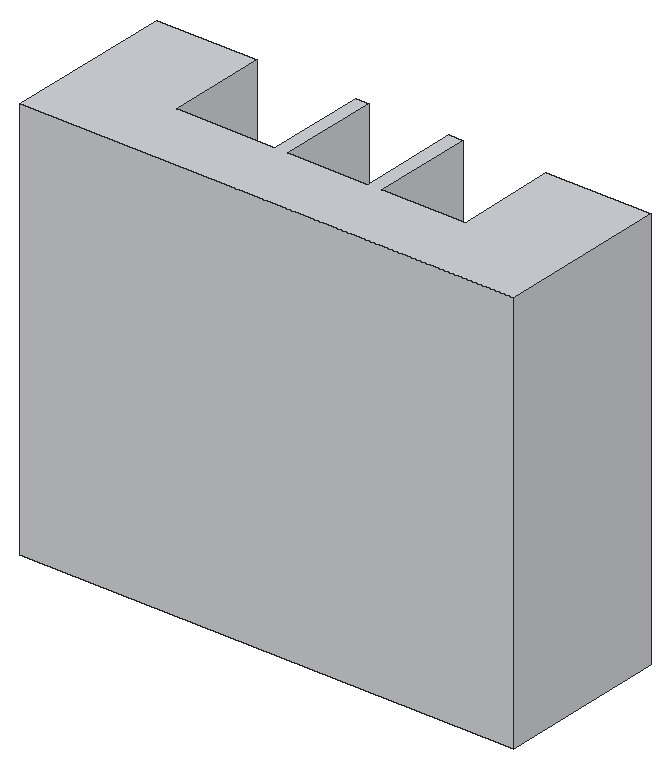
Revit family "Power-MouldedCaseDevices-GEWISS-97MSS-SWITCH_DISCONNECTOR_160", category Apparecchi elettrici, host Muro, Revit 2016
Family settings
  Host = Muro
  Mantenere orientamento annotazione = Sì
  Tipo di parte = Normale
  Quota connettore circolare = Usa diametro
  Numero OmniClass = 23.80.50.00
  Titolo OmniClass = Terminals for Power Supply
  Sempre verticale = Sì
  Taglio con vuoti quando caricato = No
  Condiviso = No
  Punto di calcolo locali = Sì
Parameters (values of type "GW97728 - SWITCH DISCONNECTOR MSS 160 4P 160A")
  Version file RFA = "18.0"
  URL = "https://www.gewiss.com/ww/en"
  Technical sheet = "https://www.gewiss.com/ww/en/search?q=GW97728"
  SEO = "Disconnector"
  Realized by GEWISS S.p.A. = ""
  Rated voltage = "400V"
  Rated current: = "160A"
  Rated current (In) = "160A"
  Produttore = "GEWISS S.p.A."
  Number of poles = "4P"
  No. of poles = "4P"
  No. of modules EN 50022 = "8"
  No. Chorus modules = "8"
  Modello = "GW97728"
  Label = "MSS 160"
  Immagine tipo = GW97728.jpg
  IFC.TypeObject = ""
  IFC.ExportType = ""
  IFC.ExportAs = ""
  IDT = "ae166635-42b5-4973-98c0-4df5846345b0"
  IDF = "1ba8dad1-0f5a-4405-9d0f-1eb80bc87f7b"
  GW - Codice Electrocod = "150"
  EAN code = "8011564211483"
  Descrizione = "SWITCH DISCONNECTOR MSS 160 4P 160A"
  Catalogue Range = "97 MSS"
  Catalogue = "POWER"
  COBie.Tagnumber = ""
  COBie.CreatedOn = ""
  COBie.CreatebBy = ""
  COBie.ComponentRegisterItemID = ""
  COBie.Component.TagNumber = ""
  COBie.Component.Space = ""
  COBie.Component.SerialNumber = ""
  COBie.Component.InstallationDate = ""
  COBie.Component.Description = ""
  COBie.Component.BarCode = ""
Types (2, lengths in mm): name | Technical sheet | Number of poles | No. of poles | Modello | Immagine tipo | IDT | EAN code | Descrizione
  GW97728 - SWITCH DISCONNECTOR MSS 160 4P 160A | "https://www.gewiss.com/ww/en/search?q=GW97728" | "4P" | "4P" | "GW97728" | GW97728.jpg | "ae166635-42b5-4973-98c0-4df5846345b0" | "8011564211483" | "SWITCH DISCONNECTOR MSS 160 4P 160A"
  GW97727 - SWITCH DISCONNECTOR MSS 160 3P 160A | "https://www.gewiss.com/ww/en/search?q=GW97727" | "3P" | "3P" | "GW97727" | GW97727.jpg | "d4d4384a-e1ee-4f46-bc7e-880045e88370" | "8011564211476" | "SWITCH DISCONNECTOR MSS 160 3P 160A"
Reference planes
  plane 1 "Muro": y = 0
  plane 2 "Centro (Sinistra/Destra)": x = 125
  plane 3 "Indietro": y = 75
Text (mm)
  text "Lato posizionamento" at (-1848.837, 1116.779, 0), in view "Livello rif."
  text "Lato posizionamento" at (0, 1409.804, 2854.306), in view "Sinistra"
  text "Lato posizionamento" at (0, 499.811, 2980.732), in view "Destra"
Dimensions and locks
  locked: plane 3 "Indietro" to host wall
  aligned and locked: plane 1 "Muro" to host wall
  aligned and locked: nested 1 to plane 2 "Centro (Sinistra/Destra)"
Nested families
  nested 1: "GENERICO -MSS160 SEZIONATORI ROTATIVI 160A" at (125, 75, 575.543) x (-1, 0, 0) z (0, 0, 1), type "GENERICO -MSS160 SEZIONATORI ROTATIVI 160A"
Definition of nested family "GENERICO -MSS160 SEZIONATORI ROTATIVI 160A"
  Parameters (values of type "GENERICO -MSS160 SEZIONATORI ROTATIVI 160A")
    h_barra din = if(Altezza barre = 1 mm, 69.9 mm, if(Altezza barre = 2 mm, 115.8 mm, 0 mm))  # 0 mm
    TIPO = 15
    Default Elevation = 1219.2 mm
    Type Image = element 35660
    IFC.TypeObject = ""
    IFC.ExportType = ""
    IFC.ExportAs = ""
    H = if(AB_O = 1, AB_V, if(AB_O = 2, AB_H, 50.8 mm))  # 50.8 mm
    GW96815 = TIPO = 15  # yes
    GW96814 = TIPO = 0  # no
    GW96813 = TIPO = 13  # no
    GW96810 = TIPO = 10  # no
    GW - Tipo = "Forma \"L\" 4P"
    GW - Installazione = "Piastra/guida DIN"
    GW - Descrizione = "BDR 160 FORMA \"L\" (MTX/E 160) 4P"
    GW - Costruttore = "GEWISS"
    GW - Codice Electrocod = "1511"
    GW - Codice = "GWD8245"
    GW - Catalogo = "POWER"
    GW - Caratteristiche = "Regolabile"
    GW - Adatto per = "MTX/E 160"
    GEWISS URL = "http://www.gewiss.com/prv/it_IT/index.html"
    GEWISS SCHEDA TECNICA = "http://pro.gewiss.com/irj/portal/?NavigationTarget=pcd:portal_content/com.gewiss.ZPPFDMain/com.gewiss.ZPPFDITMain/com.gewiss.ZPPFDITMainDefault/com.gewiss.ZPPFDITPages/com.gewiss.ZPPFDITPagesAP/com.gewiss.ZPPFDITPagesAPCatalogo/com.gewiss.ZPPPDITAPProductDetail&codProd=GWD8245"
    Dist barra din = 0 mm  # constant formula
    COBie.CreatedOn = ""
    COBie.CreatebBy = ""
    COBie.ComponentRegisterItemID = ""
    COBie.Component.TagNumber = ""
    COBie.Component.Space = ""
    COBie.Component.SerialNumber = ""
    COBie.Component.InstallationDate = ""
    COBie.Component.Description = ""
    COBie.Component.BarCode = ""
    C1 = 49 mm  # constant formula
    C = 50 mm  # constant formula
    B1 = 187 mm
    B = 116 mm  # constant formula
    Altezza barre = 5 mm  # constant formula
    AB_V = 3 mm  # constant formula
    AB_H = 5 mm  # constant formula
    AB_O = 0  # constant formula
    A2 = 120 mm  # constant formula
    A = 142 mm  # constant formula
  Reference planes
    plane 1 "Centro (Fronte/Retro)": y = 0
    plane 2: z = 0
    plane 3 "Centro (Sinistra/Destra)": x = 0
    plane 4: x = -71
    plane 5: x = 71
    plane 6: z = 146
    plane 7: z = 75
    plane 8 "C1": y = -49
    plane 9: y = -44
    plane 10: z = 30
    plane 11: y = -5
    plane 12: y = -20
  Forms (mm)
    Extrusion 1, solid
      sketch origin (0, -25, 0) x (0, 0, 1) y (1, 0, 0)
        loop
          line (146, 71) -> (30, 71) -> (30, -71) -> (146, -71) -> (146, 71)
      from -24 to 25
    Extrusion 2, solid
      sketch origin (18.545, -49, -12.977) x (0, 0, 1) y (1, 0, 0)
        loop
          circle (100.454, -71.284) r 15
      from -3.053 to 5
    Extrusion 3, solid
      sketch origin (18.545, -49, -16.727) x (0, 0, 1) y (1, 0, 0)
        loop
          line (99.064, -62.185) -> (96.031, -65.246) -> (94.575, -67.987) -> (93.908, -72.128) -> (94.709, -75.966) -> (96.456, -78.905) -> (99.675, -81.575) -> (102.92, -82.754) -> (107.207, -82.754) -> (109.575, -82.009) -> (112.099, -80.465) -> (114.077, -78.383) -> (115.497, -75.765) -> (116.204, -72.48) -> (115.827, -68.848) -> (114.421, -65.719) -> (112.28, -63.288) -> (111.064, -62.552) -> (111.064, -19.801) -> (99.064, -19.801) -> (99.064, -62.185)
      from -6.808 to -3.053
    Extrusion 4, void
      sketch origin (0, -49, 0) x (0, 0, 1) y (1, 0, 0)
        loop
          line (146, -41) -> (146, -17) -> (116, -17) -> (116, -41) -> (146, -41)
        loop
          line (146, -13) -> (146, 10.088) -> (116, 10.088) -> (116, -13) -> (146, -13)
        loop
          line (146, 13.701) -> (146, 42.028) -> (116, 42.028) -> (116, 13.701) -> (146, 13.701)
        loop
          line (60, -41) -> (60, -18.361) -> (30, -18.361) -> (30, -41) -> (60, -41)
        loop
          line (60, -13) -> (60, 10.088) -> (30, 10.088) -> (30, -13) -> (60, -13)
        loop
          line (60, 14.5) -> (60, 37.219) -> (30, 37.219) -> (30, 14.5) -> (60, 14.5)
        loop
          line (60, 42.028) -> (60, 65.393) -> (30, 65.393) -> (30, 42.028) -> (60, 42.028)
      from 0 to 29
  Cuts and joins
    Extrusion 4 cuts Extrusion 1
  Dimensions and locks
    equal spacing: plane 5, plane 3 "Centro (Sinistra/Destra)", plane 4
    "A": plane 5 to plane 4
    "C1": plane 8 "C1" to plane 1 "Centro (Fronte/Retro)"
    locked: plane 8 "C1" to plane 9 at 5
    plane 10 to level = 30 mm
    "B": plane 6 to plane 10
    locked: plane 7 to plane 10 at 45
    locked: plane 11 to plane 1 "Centro (Fronte/Retro)" at 5
    locked: Extrusion 2 to plane 8 "C1" at 3.053
    locked: plane 8 "C1" to plane 12 at 29
    aligned and locked: level to plane 2
    aligned and locked: Extrusion 1 sketch curve to plane 4
    aligned and locked: plane 5 to Extrusion 1 sketch curve
    aligned and locked: plane 6 to Extrusion 1 sketch curve
    aligned and locked: Extrusion 1 to plane 8 "C1"
    aligned and locked: Extrusion 1 to plane 1 "Centro (Fronte/Retro)"
    aligned and locked: plane 10 to Extrusion 1 sketch curve
    aligned and locked: plane 9 to Extrusion 2
    aligned and locked: plane 12 to cut or joined group of Extrusion 1, Extrusion 4
  Automatic sketch dimensions
    Extrusion 2 sketch curve to plane 7 = 12.477 mm
    Extrusion 2 sketch curve to plane 3 "Centro (Sinistra/Destra)" = 52.739 mm
    Extrusion 3 sketch curve to Extrusion 3 sketch curve = 0.667 mm
    Extrusion 3 sketch curve to Extrusion 3 sketch curve = 1.456 mm
    Extrusion 3 sketch curve to plane 3 "Centro (Sinistra/Destra)" = 60.36 mm
    Extrusion 3 sketch curve to Extrusion 3 sketch curve = 1.747 mm
    Extrusion 3 sketch curve to plane 7 = 7.337 mm
    Extrusion 3 sketch curve to plane 3 "Centro (Sinistra/Destra)" = 63.03 mm
    Extrusion 3 sketch curve to Extrusion 3 sketch curve = 3.219 mm
    Extrusion 3 sketch curve to plane 3 "Centro (Sinistra/Destra)" = 64.209 mm
    Extrusion 3 sketch curve to plane 7 = 11.193 mm
    Extrusion 3 sketch curve to plane 7 = 15.48 mm
    Extrusion 3 sketch curve to plane 3 "Centro (Sinistra/Destra)" = 63.464 mm
    Extrusion 3 sketch curve to Extrusion 3 sketch curve = 2.368 mm
    Extrusion 3 sketch curve to plane 7 = 19.337 mm
    Extrusion 3 sketch curve to plane 3 "Centro (Sinistra/Destra)" = 61.92 mm
    Extrusion 3 sketch curve to Extrusion 3 sketch curve = 2.523 mm
    Extrusion 3 sketch curve to Extrusion 3 sketch curve = 1.217 mm
    Extrusion 3 sketch curve to Extrusion 3 sketch curve = 1.978 mm
    Extrusion 3 sketch curve to Extrusion 3 sketch curve = 2.141 mm
    Extrusion 3 sketch curve to Extrusion 3 sketch curve = 1.42 mm
    Extrusion 3 sketch curve to Extrusion 3 sketch curve = 1.405 mm
    Extrusion 3 sketch curve to Extrusion 3 sketch curve = 0.707 mm
    Extrusion 3 sketch curve to Extrusion 3 sketch curve = 2.082 mm
    Extrusion 3 sketch curve to Extrusion 3 sketch curve = 2.618 mm
    Extrusion 3 sketch curve to Extrusion 3 sketch curve = 3.284 mm
    Extrusion 3 sketch curve to Extrusion 3 sketch curve = 3.838 mm
    Extrusion 3 sketch curve to Extrusion 3 sketch curve = 3.632 mm
    Extrusion 3 sketch curve to Extrusion 3 sketch curve = 4.141 mm
    Extrusion 3 sketch curve to Extrusion 3 sketch curve = 3.13 mm
    Extrusion 3 sketch curve to Extrusion 3 sketch curve = 2.741 mm
    Extrusion 3 sketch curve to Extrusion 3 sketch curve = 2.431 mm
    Extrusion 3 sketch curve to Extrusion 3 sketch curve = 0.736 mm
    Extrusion 3 sketch curve to Extrusion 3 sketch curve = 3.061 mm
    Extrusion 3 sketch curve to Extrusion 3 sketch curve = 6.464 mm
    Extrusion 3 sketch curve to Extrusion 3 sketch curve = 3.033 mm
    Extrusion 3 sketch curve to Extrusion 3 sketch curve = 2.94 mm
    Extrusion 3 sketch curve to Extrusion 3 sketch curve = 42.384 mm
    Extrusion 4 sketch curve to plane 10 = 0 mm  (x4)
    Extrusion 4 sketch curve to plane 6 = 0 mm  (x3)
    plane 7 to Extrusion 4 sketch curve = 15 mm  (x3)
    Extrusion 4 sketch curve to Extrusion 4 sketch curve = 0 mm  (x3)
    plane 3 "Centro (Sinistra/Destra)" to Extrusion 4 sketch curve = 10.088 mm  (x2)
    Extrusion 4 sketch curve to Extrusion 4 sketch curve = 30 mm
    Extrusion 4 sketch curve to plane 3 "Centro (Sinistra/Destra)" = 13 mm  (x2)
    Extrusion 4 sketch curve to Extrusion 4 sketch curve = 4 mm
    Extrusion 4 sketch curve to Extrusion 4 sketch curve = 5.361 mm
    Extrusion 4 sketch curve to Extrusion 4 sketch curve = 22.639 mm
    Extrusion 4 sketch curve to Extrusion 4 sketch curve = 24 mm
    Extrusion 4 sketch curve to Extrusion 4 sketch curve = 3.612 mm
    Extrusion 4 sketch curve to Extrusion 4 sketch curve = 4.412 mm
    Extrusion 4 sketch curve to Extrusion 4 sketch curve = 22.719 mm
    Extrusion 4 sketch curve to Extrusion 4 sketch curve = 28.327 mm
    Extrusion 4 sketch curve to Extrusion 4 sketch curve = 4.809 mm
    Extrusion 4 sketch curve to plane 5 = 5.607 mm
    radius of Extrusion 2 sketch curve = 15 mm
